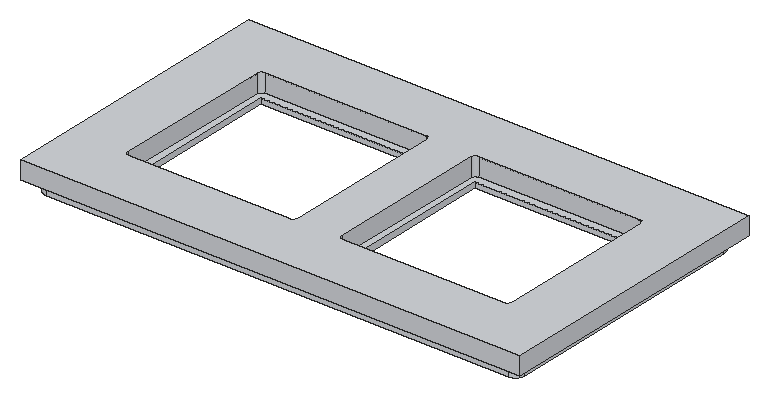
Revit family "Gira_0212223", category Electrical Fixtures, host Face, Revit 2017
Family settings
  Host = Face
  Maintain Annotation Orientation = No
  Round Connector Dimension = Use Diameter
  Part Type = Normal
  Cut with Voids When Loaded = No
  Shared = No
  Room Calculation Point = No
Parameters (values of type "Cov.fr. 2-g Gira Esprit Lin.pwd.dark brown")
  With mounting grid = "No"
  With hinged lid = "No"
  URL = "http://katalog.gira.de/en/datenblatt.html?artikelnr=0212223"
  Type of fastening = "Clamp mounting"
  Transparent = "No"
  Surface protection = "Other"
  Suitable for wall duct = "No"
  Suitable for flush-mounted installation = "Yes"
  Suitable for floor box = "No"
  Suitable for built-in installation = "No"
  Number of units vertical = "2"
  Number of units horizontal = "2"
  Number of units = "2"
  Name = "Cov.fr. 2-g Gira Esprit Lin.pwd.dark brown"
  Mounting direction = "Horizontal and vertical"
  Material quality = "Other"
  Material = "Other"
  Manufacturer URL = "https://www.gira.de/"
  Manufacturer = "Gira"
  Label space/information surface = "No"
  Keynote = ""
  HeinzeBIM = "https://bimportal.heinze.de/bim/cov-fr-2-g-gira-esprit-lin-pwd-dark-brown/985e1e011a5fc73700349f2967378b7c67063d02"
  Halogen free = "No"
  HAN = "0212223"
  GTIN = "4010337015949"
  Description = "Cov.fr.2g Espr. LPwDb,Gira Esprit cover frame,Linoleum-plywood dark brown,2-gang,Notes :,- Natural product. Colour deviations are possible.,- NCS value: approx. NCS S 8005-Y80R"
  Degree of protection (IP) = "IP20"
  Default Elevation = 1219.2 mm
  Data sheet (1) = "https://katalog.gira.de/en/download.html?artikelnr=0212223"
  Colour = "Other"
  Category = "Cover frame for domestic switching devices"
  BIM (1) = "https://media.stage.bim.site/public/gira/36a6b08/Espr._Rahmen_2fach.rfa"
  Available = "No"
Reference planes
  plane 1 "Center (Front/Back)": y = 0
  plane 2: z = 0
  plane 3 "Center (Left/Right)": x = 0
Forms (mm)
  Extrusion 1, solid, detail levels fine
    sketch origin (0, 0, 0) x (1, 0, 0) y (0, 1, 0)
      loop
        line (-83, 47.5) -> (-83, -47.5) -> (83, -47.5) -> (83, 47.5) -> (-83, 47.5)
      loop
        arc (-63.75, -26.7) -> (-63.311, -27.761) -> (-62.25, -28.2) r 1.5
        line (-62.25, -28.2) -> (-8.85, -28.2)
        arc (-8.85, -28.2) -> (-7.789, -27.761) -> (-7.35, -26.7) r 1.5
        line (-7.35, -26.7) -> (-7.35, 26.7)
        arc (-7.35, 26.7) -> (-7.789, 27.761) -> (-8.85, 28.2) r 1.5
        line (-8.85, 28.2) -> (-62.25, 28.2)
        arc (-62.25, 28.2) -> (-63.311, 27.761) -> (-63.75, 26.7) r 1.5
        line (-63.75, 26.7) -> (-63.75, -26.7)
      loop
        line (63.75, -26.7) -> (63.75, 26.7)
        arc (63.75, 26.7) -> (63.311, 27.761) -> (62.25, 28.2) r 1.5
        line (62.25, 28.2) -> (8.85, 28.2)
        arc (8.85, 28.2) -> (7.789, 27.761) -> (7.35, 26.7) r 1.5
        line (7.35, 26.7) -> (7.35, -26.7)
        arc (7.35, -26.7) -> (7.789, -27.761) -> (8.85, -28.2) r 1.5
        line (8.85, -28.2) -> (62.25, -28.2)
        arc (62.25, -28.2) -> (63.311, -27.761) -> (63.75, -26.7) r 1.5
    from 0 to 6
  Extrusion 2, solid, detail levels fine
    sketch origin (0, 0, 0) x (1, 0, 0) y (0, 1, 0)
      loop
        line (-61.45, -25.7) -> (-9.65, -25.7) -> (-9.65, 25.7) -> (-61.45, 25.7) -> (-61.45, -25.7)
      loop
        line (61.45, 25.7) -> (9.65, 25.7) -> (9.65, -25.7) -> (61.45, -25.7) -> (61.45, 25.7)
      loop
        arc (-78.454, -41.3) -> (-77.927, -42.573) -> (-76.654, -43.1) r 1.8
        line (-76.654, -43.1) -> (76.654, -43.1)
        arc (76.654, -43.1) -> (77.927, -42.573) -> (78.454, -41.3) r 1.8
        line (78.454, -41.3) -> (78.454, 41.3)
        arc (78.454, 41.3) -> (77.927, 42.573) -> (76.654, 43.1) r 1.8
        line (76.654, 43.1) -> (-76.654, 43.1)
        arc (-76.654, 43.1) -> (-77.927, 42.573) -> (-78.454, 41.3) r 1.8
        line (-78.454, 41.3) -> (-78.454, -41.3)
    from -1.9 to 0
  Extrusion 3, solid, detail levels fine
    sketch origin (0, 0, 0) x (1, 0, 0) y (0, 1, 0)
      loop
        arc (-76.75, 44.4) -> (-78.871, 43.521) -> (-79.75, 41.4) r 3
        line (-79.75, 41.4) -> (-79.75, -41.4)
        arc (-79.75, -41.4) -> (-78.871, -43.521) -> (-76.75, -44.4) r 3
        line (-76.75, -44.4) -> (76.75, -44.4)
        arc (76.75, -44.4) -> (78.871, -43.521) -> (79.75, -41.4) r 3
        line (79.75, -41.4) -> (79.75, 41.4)
        arc (79.75, 41.4) -> (78.871, 43.521) -> (76.75, 44.4) r 3
        line (76.75, 44.4) -> (-76.75, 44.4)
      loop
        arc (-78.55, -41.4) -> (-78.023, -42.673) -> (-76.75, -43.2) r 1.8
        line (-76.75, -43.2) -> (76.75, -43.2)
        arc (76.75, -43.2) -> (78.023, -42.673) -> (78.55, -41.4) r 1.8
        line (78.55, -41.4) -> (78.55, 41.4)
        arc (78.55, 41.4) -> (78.023, 42.673) -> (76.75, 43.2) r 1.8
        line (76.75, 43.2) -> (-76.75, 43.2)
        arc (-76.75, 43.2) -> (-78.023, 42.673) -> (-78.55, 41.4) r 1.8
        line (-78.55, 41.4) -> (-78.55, -41.4)
    from -3.7 to 0
  Extrusion 4, solid, detail levels medium
    sketch origin (0, 0, 0) x (1, 0, 0) y (0, 1, 0)
      loop
        line (-83, 47.5) -> (-83, -47.5) -> (83, -47.5) -> (83, 47.5) -> (-83, 47.5)
    from 0 to 6
  Extrusion 5, solid, detail levels medium
    sketch origin (0, 0, 0) x (1, 0, 0) y (0, 1, 0)
      loop
        line (-79.75, 44.4) -> (-79.75, -44.4) -> (79.75, -44.4) -> (79.75, 44.4) -> (-79.75, 44.4)
    from -3.7 to 0
  Extrusion 6, solid, detail levels coarse
    sketch origin (0, 0, 0) x (1, 0, 0) y (0, 1, 0)
      loop
        line (-83, 47.5) -> (-83, -47.5) -> (83, -47.5) -> (83, 47.5) -> (-83, 47.5)
    from -3.7 to 6
Dimensions and locks
  aligned and locked: plane 2 to host face
  aligned and locked: level to host face
